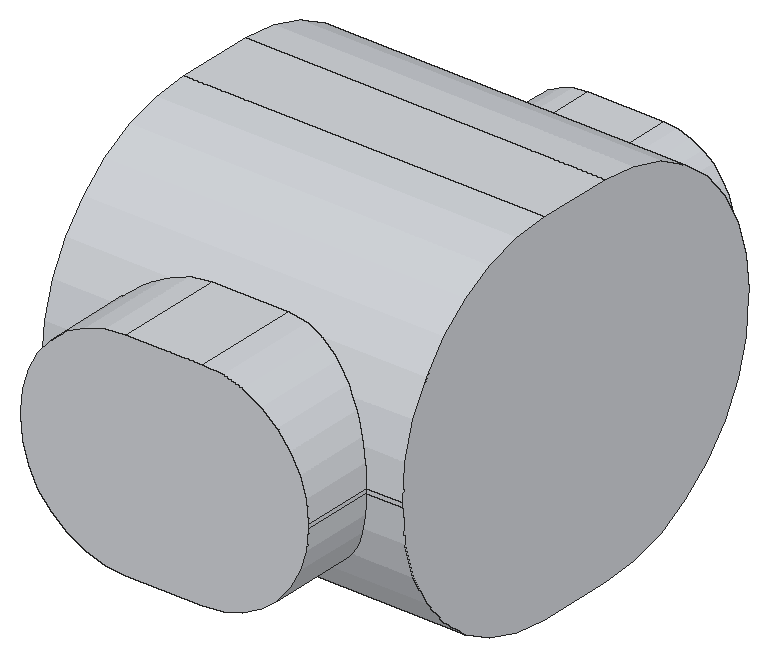
Revit family "db8fcdc78dc849369922ac3558c05567", category Duct Fittings, Revit 2021
Family settings
  Round Connector Dimension = Use Diameter
  Part Type = Lateral Cross
  OmniClass Number = 23.75.70.14
  OmniClass Title = Air Ductwork
  Seek Item ID = Oval Cross - Lateral-0000-USA-ENU
  Work Plane-Based = No
  Always vertical = Yes
  Cut with Voids When Loaded = No
  Shared = No
Parameters (values of type "Standard")
  Width [instance] = if(Duct Width 3 > Duct Width 4, Duct Width 3 / 2, Duct Width 4 / 2)  # 4"
  Shoulder Length 4 [instance] = 2"
  Shoulder Length 3 [instance] = 2"
  Shoulder Length 1 [instance] = 1"
  Radius 2 [instance] = if(Angle < 90.00°, 0' 0 1/64", Duct Width 1 * 2)  # 24"
  Radius 1 [instance] = if(Angle > 90.00°, 0' 0 1/64", Duct Width 1 * 2)  # 24"
  Length 7 [instance] = abs(Length 6 - Length 2)  # 5"
  Length 5 [instance] = if(Length 1 > Length 2, Length 1, Length 2)  # 725"
  Length 4 [instance] = 2 * Width / sin(Angle) + Shoulder Length 1 * 2  # 10"
  Length 3 [instance] = if(Angle = 90.00°, Width / sin(Angle) + Shoulder Length 1, 0.5 * Duct Width 1 / (tan(Angle)) + Width / sin(Angle) + Shoulder Length 1)  # 5"
  Length 6 [instance] = 60' 0"  # 720"
  Length 2 [instance] = Length 6 + (Length 3 - Length 4)  # 715"
  Length 1 [instance] = Length 3 + Length 6  # 725"
  Default Elevation = 0' - 0"
  Branch Length 4 [instance] = if(Angle = 90.00°, Duct Width 1 / 2 + Shoulder Length 4, Duct Width 1 / (2 * sin(Angle)) + Duct Width 4 / (2 * abs(tan(Angle))) + Shoulder Length 4)  # 8"
  Branch Length 3 [instance] = if(Angle = 90.00°, Duct Width 1 / 2 + Shoulder Length 3, Duct Width 1 / (2 * sin(Angle)) + Duct Width 3 / (2 * abs(tan(Angle))) + Shoulder Length 3)  # 8"
  Duct Width 4 [instance] = 6"
  Duct Width 3 [instance] = 8"
  Duct Width 1 [instance] = 12"
  Duct Height 4 [instance] = 4"
  Duct Height 3 [instance] = 6"
  Duct Height 1 [instance] = 10"
  Angle [instance] = 90.00°
Reference planes (in)
  plane 1 "Center (Front/Back)": y = 0
  plane 2: z = 0
  plane 3 "Center (Left/Right)": x = 0
  plane 4: x = -720
  plane 5: x = 5
  plane 6: x = -5
Forms (in)
  Sweep 1, solid, detail levels medium+fine
    path origin (0, 0, 0) x (1, 0, 0) y (0, 1, 0)
      loop
        line (-5, 0) -> (5, 0)
    profile "Duct - Oval : Duct - Oval 1" origin (0, 0, 0) x (0, 1, 0) y (0, 0, 1)
      loop
        line (-6, 0.0625) -> (-6, -0.0625)
        arc (-6, -0.0625) -> (-4.55384, -3.55384) -> (-1.0625, -5) r 4.9375
        line (-1.0625, -5) -> (1.0625, -5)
        arc (1.0625, -5) -> (4.55384, -3.55384) -> (6, -0.0625) r 4.9375
        line (6, -0.0625) -> (6, 0.0625)
        arc (6, 0.0625) -> (4.55384, 3.55384) -> (1.0625, 5) r 4.9375
        line (1.0625, 5) -> (-1.0625, 5)
        arc (-1.0625, 5) -> (-4.55384, 3.55384) -> (-6, 0.0625) r 4.9375
  Sweep 2, solid, detail levels medium+fine
    path in 3D
      loop
        line (0, 0, 0) -> (0, -8, 0)
    profile "Duct - Oval : Duct - Oval 3" origin (0, -4, 0) x (1, 0, 0) y (0, 0, 1)
      loop
        line (-4, 0.0625) -> (-4, -0.0625)
        arc (-4, -0.0625) -> (-3.13963, -2.13963) -> (-1.0625, -3) r 2.9375
        line (-1.0625, -3) -> (1.0625, -3)
        arc (1.0625, -3) -> (3.13963, -2.13963) -> (4, -0.0625) r 2.9375
        line (4, -0.0625) -> (4, 0.0625)
        arc (4, 0.0625) -> (3.13963, 2.13963) -> (1.0625, 3) r 2.9375
        line (1.0625, 3) -> (-1.0625, 3)
        arc (-1.0625, 3) -> (-3.13963, 2.13963) -> (-4, 0.0625) r 2.9375
  Sweep 3, solid, detail levels medium+fine
    path in 3D
      loop
        line (0, 0, 0) -> (0, 8, 0)
    profile "Duct - Oval : Duct - Oval 4" origin (0, 4, 0) x (-1, 0, 0) y (0, 0, 1)
      loop
        line (-3, 0.0625) -> (-3, -0.0625)
        arc (-3, -0.0625) -> (-2.43252, -1.43252) -> (-1.0625, -2) r 1.9375
        line (-1.0625, -2) -> (1.0625, -2)
        arc (1.0625, -2) -> (2.43252, -1.43252) -> (3, -0.0625) r 1.9375
        line (3, -0.0625) -> (3, 0.0625)
        arc (3, 0.0625) -> (2.43252, 1.43252) -> (1.0625, 2) r 1.9375
        line (1.0625, 2) -> (-1.0625, 2)
        arc (-1.0625, 2) -> (-2.43252, 1.43252) -> (-3, 0.0625) r 1.9375
  Sweep 4, void
    path in 3D
      loop
        line (-5, 0, 0) -> (-725, 0, 0)
    profile origin (-365, 0, 0) x (0, -1, 0) y (0, 0, 1)
      loop
        circle (0, 0) r 24
  Sweep 5, void
    path in 3D
      loop
        line (5, 0, 0) -> (725, 0, 0)
    profile origin (365, 0, 0) x (0, 1, 0) y (0, 0, 1)
      loop
        circle (0, 0) r 24
Cuts and joins
  Sweep 4, Sweep 5 cuts Sweep 2
  Sweep 4, Sweep 5 cuts Sweep 3
  joined: Sweep 1, Sweep 2, Sweep 3
Lines and regions (in)
  model lines, detail levels coarse
    curve 1: line (0, 0, 0) -> (0, -8, 0)
    curve 3: line (0, 0, 0) -> (0, 8, 0)
    curve 5: line (-5, 0, 0) -> (5, 0, 0)
  sketch lines
    curve 2: line (0, 0, 0) -> (0, -8, 0)
    curve 4: line (0, 0, 0) -> (0, 8, 0)
    curve 7: line (-5, 0, 0) -> (-725, 0, 0)
    curve 9: line (5, 0, 0) -> (725, 0, 0)
  reference lines
    curve 6: line (-5, 0, 0) -> (-725, 0, 0)
    curve 8: line (5, 0, 0) -> (725, 0, 0)
Dimensions and locks (in)
  "Branch Length 3": curve 1 to curve 1
  "Branch Length 4": curve 3 to curve 3
  "Length 6": plane 4 to plane 3 "Center (Left/Right)"
  "Length 1": plane 4 to plane 5
  "Length 2": plane 4 to plane 6
  "Length 6": curve 6 to curve 6
  "Length 6": curve 8 to curve 8
  "Radius 1": radius of Sweep 4 sketch curve
  "Radius 2": radius of Sweep 5 sketch curve
  "Angle": angle curve 1 to plane 1 "Center (Front/Back)"
  "Angle": angle plane 1 "Center (Front/Back)" to curve 3
  aligned and locked: plane 1 "Center (Front/Back)" to curve 3
  aligned and locked: plane 1 "Center (Front/Back)" to curve 5
  aligned and locked: plane 5 to curve 5
  aligned and locked: plane 6 to curve 5
  aligned and locked: Sweep 1 sketch curve to curve 5
  aligned and locked: plane 6 to curve 6
  aligned and locked: curve 6 to plane 1 "Center (Front/Back)"
  aligned and locked: plane 1 "Center (Front/Back)" to Sweep 4 sketch curve
  aligned and locked: plane 2 to Sweep 4 sketch curve
  aligned and locked: plane 5 to curve 8
  aligned and locked: plane 1 "Center (Front/Back)" to curve 8
  aligned and locked: plane 2 to Sweep 5 sketch curve
  aligned and locked: plane 1 "Center (Front/Back)" to Sweep 5 sketch curve
Automatic sketch dimensions
  Sweep 1 sketch curve to plane 6 = 0' - 0"
  Sweep 1 sketch curve to plane 5 = 0' - 0"
  curve 3 to plane 3 "Center (Left/Right)" = 0' - 0"
Connectors (in)
  hvac at (-5, 0, 0), driven by "Duct Height 1", driven by "Duct Width 1"
    settings: on Sweep 1, index 1, duct flow 0 CFM, flow factor 0, pres drop 0.00 in-wg, loss coef 0, conn angle 0.00°, conn width 12", conn height 10", conn diameter 24", duct sys type 28, conn prof type 2, flow config 0, flow direction 0, loss method 0, conn ref index 2, conn util no, is conn primary yes, conn desc ""
  hvac at (5, 0, 0), driven by "Duct Height 1", driven by "Duct Width 1"
    settings: on Sweep 1, index 2, duct flow 0 CFM, flow factor 0, pres drop 0.00 in-wg, loss coef 0, conn angle 0.00°, conn width 12", conn height 10", conn diameter 24", duct sys type 28, conn prof type 2, flow config 0, flow direction 0, loss method 0, conn ref index 1, conn util no, is conn primary no, conn desc ""
  hvac at (0, -8, 0), driven by "Duct Height 3", driven by "Duct Width 3", driven by "Angle"
    settings: on Sweep 2, index 3, duct flow 0 CFM, flow factor 0, pres drop 0.00 in-wg, loss coef 0, conn angle 90.00°, conn width 8", conn height 6", conn diameter 24", duct sys type 28, conn prof type 2, flow config 0, flow direction 0, loss method 0, conn ref index 4, conn util no, is conn primary no, conn desc ""
  hvac at (0, 8, 0), driven by "Duct Height 4", driven by "Duct Width 4", driven by "Angle"
    settings: on Sweep 3, index 4, duct flow 0 CFM, flow factor 0, pres drop 0.00 in-wg, loss coef 0, conn angle 90.00°, conn width 6", conn height 4", conn diameter 24", duct sys type 28, conn prof type 2, flow config 0, flow direction 0, loss method 0, conn ref index 3, conn util no, is conn primary no, conn desc ""
